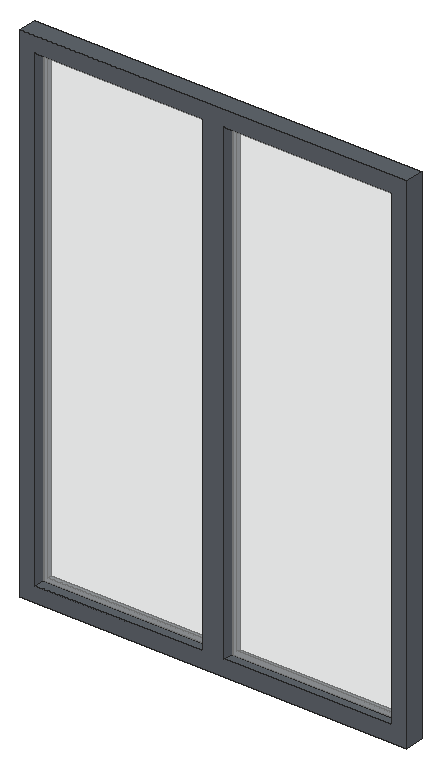
Revit family "Wicstyle77FP_Fixed_frame_EI30_T30", category Doors, host Wall, Revit 2014
Parameters
  Youtube clip = ""
  Weight Net (Kg) = 0
  Uniclass 2015 Name = ""
  Uniclass 2015 Code = ""
  Uniclass 2.0 Description = ""
  Uniclass 2.0 Code = ""
  Uniclass 1.4 Description = ""
  Uniclass 1.4 Code = ""
  URL = "http://www.wicona.com\r\nhttp://www.wicona.com"
  UNSPSC Code = ""
  Technical description = ""
  Region South America = "None"
  Region Oceania = "None"
  Region North America = "None"
  Region Middle East = "None"
  Region Europe = "AD, AL, AT, AX, BA, BE, BG, BY, CH, CS, CY, CZ, DE, DK, EE, ES, FI, FO, FR, GB, GG, GI, GR, HR, HU, IE, IM, IS, IT, JE, LI, LT, LU, LV, MC, MD, ME, MK, MT, NL, NO, PL, PT, RO, RS, RU, SE, SI, SJ, SK, SM, UA, VA, XK"
  Region Asia = "None"
  Region Antarctica = "None"
  Region Africa = "None"
  QR code = "http://bimobject.com/wicona/product/WICSTYLE_77_FP_D"
  Product group = "Windows"
  Product family = "Windows & Doors"
  Product data url = "http://bimobject.com/wicona/product/WICSTYLE_77_FP_D"
  Product certification = ""
  Product SKU = "WICSTYLE_77_FP_D"
  Product Guid = "0a2d15cc-3e25-4d95-9584-ec63cf4c32b4"
  Opening Line Lenght = Width - (2 * Glass Offset 1)  # 1502 mm
  OmniClass Description = ""
  OmniClass Code = ""
  Nominal width = 140000
  Nominal height = 210000
  NBS Reference Description = ""
  NBS Reference Code = ""
  Mullion Width 1 = 800 mm
  Mullion 1021369 = no
  Mullion 1021367 = no
  Mullion 1021365 = no
  Mullion 1021364 = not(or(Mullion 1021369, Mullion 1021365, Mullion 1021367))  # yes
  Model = "Wicstyle 77FP"
  Material secondary = "Glass"
  Material main = "Aluminium"
  Manufacturer name = "Wicona"
  Manufacturer country = "Germany"
  Manufacturer = "Wicona"
  MPlus_1021369 = Mullion 1021369  # no
  Leaf Material = WICONA - Aluminium - RAL7016 - Anthracite Grey - Matt
  Installation instructions = ""
  IFC Classification = ""
  Handle Material = Aluminium
  Glass Material = WICONA -  Glass
  Function = Interior
  Glass Offset 1 = if(Frame 1020449, 49 mm, 59 mm)  # 49 mm
  Glass Offset 2 = if(Mullion 1021364, 28.1 mm, if(Mullion 1021365, 33.2 mm, if(Mullion 1021367, 53.3 mm, 33.2 mm)))  # 28.1 mm
  Height = 2100 mm
  Wall Closure = By host
  Width = 1600 mm
  Frame Material = WICONA - Aluminium - RAL7016 - Anthracite Grey - Matt
  Frame Depth = 77 mm
  Frame 1021361 = no
  Frame 1020449 = not(or(Frame 1021361))  # yes
  Fire protection class in accordance with DIN EN 13501-2 = "EI30-1, EI30 glazing"
  Fire protection class in accordance with DIN 4102 = "T30-1 and T30-2, F30 glazing"
  Filling weights = "Up to 200 kg"
  Filling thickness = "23 or 36 mm Type 30 pyrostop glass"
  Edition number = 1
  EAN code = ""
  Door Offset = 60 mm
  Design country = "Germany"
  Description = "WICSTYLE 77FP provides 30 minutes’ fire resistance with profile elevations that are identical to a WICSTYLE 77 standard door, meaning that it ensures all the doors in your building have the same design. Consequently, this range fulfils the requirements of class EI30 and/or class T30/F30 for single and double-leaf doors with large leaf dimensions, without the need for fire protection inserts in this class."
  Date of publishing = "3/14/2015"
  Clearance passage dimensions = "Single-leaf 1,362 x 2,500 mm, Double-leaf 2,500 x 2,500 mm, Fixed glazing element height up to 3,500 mm, unlimited width"
  COBIe Type Category = ""
  Bottom Offset = 26 mm
  BIMobject category = ""
Reference planes
  plane 1: y = 0
  plane 2 "Center (Left/Right)": x = 0
  plane 3 "Left": x = -800
  plane 4 "Right": x = 800
  plane 5: z = 2100
  plane 6 "Exterior": y = 75
  plane 7 "Interior": y = -75
  plane 8 "base line": y = 15
  plane 9: y = -62
  plane 10: x = -751
  plane 11: z = 2051
  plane 12: z = 49
  plane 13: x = 751
  plane 14: x = 0
  plane 15: x = -28.1
  plane 16: x = 28.1
  plane 17: x = -751
  plane 18: x = -736
  plane 19: x = -733.001
  plane 20: y = 1
  plane 21: y = -23
  plane 22: x = -46.025
  plane 23: x = -43.025
  plane 24: x = -28.1
  plane 25: x = 28.1
  plane 26: x = 43.1
  plane 27: x = 46.1
Forms (mm)
  Sweep 1, solid, material "WICONA - Aluminium - RAL7016 - Anthracite Grey - Matt" <- "Frame Material", detail levels medium+fine
    path origin (0, 15, 0) x (-1, 0, 0) y (0, 0, 1)
      loop
        line (800, 0) -> (800, 2100) -> (-800, 2100) -> (-800, 0) -> (800, 0)
    profile origin (-800, 15, 1050) x (1, 0, 0) y (0, 1, 0)
      loop
        line (0, 0) -> (0, -77) -> (64, -77) -> (64, -38) -> (49, -38) -> (49, -14) -> (66.999, -14) -> (66.999, 0) -> (0, 0)
  Sweep 2, solid, material "WICONA - Aluminium - RAL7016 - Anthracite Grey - Matt" <- "Frame Material", visible <- "MPlus_1021369", detail levels medium+fine
    path origin (0, 15, 0) x (-1, 0, 0) y (0, 0, 1)
      loop
        line (0, 2100) -> (0, 0)
    profile origin (0, 15, 1050) x (0, 1, 0) y (-1, 0, 0)
      loop
        line (23, 26) -> (0, 26) -> (0, -26) -> (23, -26) -> (23, 26)
  Sweep 3, solid, material "WICONA - Aluminium - RAL7016 - Anthracite Grey - Matt" <- "Frame Material", detail levels medium+fine
    path origin (0, 15, 0) x (-1, 0, 0) y (0, 0, 1)
      loop
        line (0, 2100) -> (0, 0)
    profile origin (0, 15, 1050) x (0, 1, 0) y (-1, 0, 0)
      loop
        line (0, 46.025) -> (-14, 46.025) -> (-14, 28.1) -> (-38, 28.1) -> (-38, 43.025) -> (-77, 43.025) -> (-77, -43.1) -> (-38, -43.1) -> (-38, -28.1) -> (-14, -28.1) -> (-14, -46.1) -> (0, -46.1) -> (0, 46.025)
  Extrusion 4, solid, material "WICONA -  Glass" <- "Glass Material", detail levels medium+fine
    sketch origin (-185.675, 271.602, 0) x (1, 0, 0) y (0, 0, 1)
      loop
        line (213.775, 2051) -> (213.775, 49) -> (936.675, 49) -> (936.675, 2051) -> (213.775, 2051)
    from 270.602 to 294.602
  Extrusion 5, solid, material "WICONA -  Glass" <- "Glass Material", detail levels medium+fine
    sketch origin (-668.018, 322.298, 0) x (1, 0, 0) y (0, 0, 1)
      loop
        line (-82.982, 2051) -> (-82.982, 49) -> (639.918, 49) -> (639.918, 2051) -> (-82.982, 2051)
    from 321.298 to 345.298
Cuts and joins
  joined: Sweep 1, Sweep 3
Lines and regions (mm)
  Opening 1
    outline origin (-3050, -75, 0) x (1, 0, 0) y (0, 0, 1)
      loop
        line (2250, 0) -> (3850, 0) -> (3850, 2100) -> (2250, 2100) -> (2250, 0)
  symbolic lines, style "Elevation Swing"
    curve 1: line (800, -75, 1110) -> (-800, -75, 2100)
    curve 2: line (800, -75, 1110) -> (-800, -75, 0)
  model lines
    curve 3: line (0, -59.728, -46.926) -> (0, -59.728, -43.389)
  symbolic lines, style "Plan Swing", detail levels coarse
    curve 4: line (-751, 15, 0) -> (-28.1, 15, 0)
    curve 5: line (-751, -62, 0) -> (-28.1, -62, 0)
    curve 6: line (28.1, 15, 0) -> (751, 15, 0)
    curve 7: line (28.1, -62, 0) -> (751, -62, 0)
    curve 8: line (-751, 75, 0) -> (-751, -75, 0)
    curve 9: line (-28.1, 75, 0) -> (-28.1, -75, 0)
    curve 10: line (28.1, 75, 0) -> (28.1, -75, 0)
    curve 11: line (751, 75, 0) -> (751, -75, 0)
    curve 12: line (751, 75, 0) -> (800, 75, 0)
    curve 13: line (751, -75, 0) -> (800, -75, 0)
    curve 14: line (-28.1, 75, 0) -> (28.1, 75, 0)
    curve 15: line (-28.1, -75, 0) -> (28.1, -75, 0)
    curve 16: line (-800, 75, 0) -> (-751, 75, 0)
    curve 17: line (-800, -75, 0) -> (-751, -75, 0)
Text (mm)
  text "Exterior" at (-2295.016, 1099.543, 0), in view "Ref. Level"
  text "Exterior" at (0, 1615.38, 3698.081), in view "Left"
  text "Exterior" at (0, 1036.032, 3874.932), in view "Right"
Dimensions and locks
  equal spacing: plane 3 "Left", plane 2 "Center (Left/Right)", plane 4 "Right"
  "Width": plane 3 "Left" to plane 4 "Right"
  "Height": plane 5 to host wall
  locked: plane 6 "Exterior" to host wall at 0
  locked: plane 7 "Interior" to host wall
  "Door Offset": host wall to plane 8 "base line"
  "Frame Depth": plane 8 "base line" to plane 9
  "Glass Offset 1": plane 3 "Left" to plane 10
  "Glass Offset 1": plane 11 to plane 5
  "Glass Offset 1": plane 12 to level
  "Glass Offset 1": plane 13 to plane 4 "Right"
  "Mullion Width 1": plane 3 "Left" to plane 14
  "Glass Offset 2": plane 15 to plane 14
  "Glass Offset 2": plane 14 to plane 16
  locked: plane 17 to plane 19 at 17.999
  locked: plane 17 to plane 18 at 15
  locked: plane 20 to plane 21 at 24
  locked: plane 8 "base line" to plane 20 at 14
  locked: plane 22 to plane 24 at 17.925
  locked: plane 23 to plane 24 at 14.925
  locked: plane 25 to plane 27 at 18
  locked: plane 25 to plane 26 at 15
  aligned and locked: plane 3 "Left" to Opening 1 sketch curve
  aligned and locked: plane 5 to Opening 1 sketch curve  (x2)
  aligned and locked: Opening 1 sketch curve to plane 4 "Right"
  aligned and locked: Opening 1 sketch curve to level
  aligned and locked: plane 1 to host wall
  aligned and locked: Sweep 1 sketch curve to plane 3 "Left"
  aligned and locked: plane 5 to Sweep 1 sketch curve
  aligned and locked: plane 4 "Right" to Sweep 1 sketch curve
  aligned and locked: nested 1 to plane 14
  aligned and locked: nested 1 to plane 9
  aligned and locked: nested 2 to plane 9
  aligned and locked: nested 2 to plane 14
  aligned and locked: nested 3 to plane 9
  aligned and locked: nested 3 to plane 14
  aligned and locked: nested 4 to plane 9
  aligned and locked: nested 4 to plane 14
  aligned and locked: nested 5 to plane 9
  aligned and locked: plane 3 "Left" to nested 5
  aligned and locked: plane 4 "Right" to nested 6
  aligned and locked: plane 9 to nested 6
  aligned and locked: plane 3 "Left" to nested 7
  aligned and locked: plane 9 to nested 7
  aligned and locked: nested 8 to plane 9
  aligned and locked: plane 4 "Right" to nested 8
  aligned and locked: plane 19 to Sweep 1 sketch curve
  aligned and locked: plane 17 to Sweep 1 sketch curve
  aligned and locked: plane 17 to plane 10
  aligned and locked: plane 27 to Sweep 3 sketch curve
  aligned and locked: plane 25 to Sweep 3 sketch curve
  aligned and locked: plane 26 to Sweep 3 sketch curve
  aligned and locked: Sweep 3 sketch curve to plane 24
  aligned and locked: Sweep 3 sketch curve to plane 22
  aligned and locked: Sweep 3 sketch curve to plane 23
  aligned and locked: plane 15 to plane 24
  aligned and locked: plane 25 to plane 16
  aligned and locked: Extrusion 5 to plane 10
  aligned and locked: plane 15 to Extrusion 5
  aligned and locked: Extrusion 4 to plane 16
  aligned and locked: plane 13 to Extrusion 4
  aligned and locked: plane 10 to nested 9
  aligned and locked: plane 15 to nested 9
  aligned and locked: plane 16 to nested 10
  aligned and locked: plane 13 to nested 10
  aligned and locked: plane 11 to Extrusion 5
  aligned and locked: plane 11 to Extrusion 4
  aligned and locked: Extrusion 4 to plane 12
  aligned and locked: Extrusion 5 to plane 12
  aligned and locked: plane 21 to Extrusion 5
  aligned and locked: Extrusion 5 to plane 20
  aligned and locked: plane 21 to Extrusion 4
  aligned and locked: Extrusion 4 to plane 20
  aligned and locked: plane 21 to nested 9
  aligned and locked: plane 21 to nested 10
  aligned and locked: nested 12 to plane 9
  aligned and locked: nested 12 to plane 5
  aligned and locked: plane 9 to nested 11
  aligned and locked: level to nested 11
  aligned and locked: plane 9 to nested 14
  aligned and locked: nested 14 to plane 5
  aligned and locked: level to nested 13
  aligned and locked: nested 13 to plane 9
  aligned and locked: plane 11 to nested 15
  aligned and locked: plane 12 to nested 15
  aligned and locked: nested 15 to plane 20
  aligned and locked: plane 15 to curve 4
  aligned and locked: plane 13 to curve 6
  aligned and locked: plane 16 to curve 6
  aligned and locked: curve 5 to plane 9
  aligned and locked: curve 7 to plane 9
  aligned and locked: curve 6 to plane 8 "base line"
  aligned and locked: curve 4 to plane 8 "base line"
  aligned and locked: plane 7 "Interior" to curve 8
  aligned and locked: plane 6 "Exterior" to curve 8
  aligned and locked: curve 8 to plane 10
  aligned and locked: plane 7 "Interior" to curve 10
  aligned and locked: plane 7 "Interior" to curve 11
  aligned and locked: plane 6 "Exterior" to curve 10
  aligned and locked: plane 6 "Exterior" to curve 9
  aligned and locked: curve 11 to plane 13
  aligned and locked: plane 4 "Right" to curve 12
  aligned and locked: plane 4 "Right" to curve 13
  aligned and locked: plane 6 "Exterior" to curve 12
  aligned and locked: plane 15 to curve 14
  aligned and locked: plane 16 to curve 14
  aligned and locked: plane 7 "Interior" to curve 15
  aligned and locked: plane 3 "Left" to curve 16
  aligned and locked: plane 3 "Left" to curve 17
  aligned and locked: plane 10 to curve 16
  aligned and locked: plane 7 "Interior" to curve 17
  aligned and locked: plane 6 "Exterior" to curve 16
Automatic sketch dimensions
  plane 9 to curve 3 = 2.272 mm
  curve 3 to level = 46.926 mm
  curve 3 to curve 3 = 3.537 mm
  Sweep 1 sketch curve to level = 0 mm
  Sweep 1 sketch curve to plane 8 "base line" = 0 mm
  Sweep 1 sketch curve to profile plane = 0 mm
  Sweep 1 sketch curve to plane 18 = 0 mm
  Sweep 1 sketch curve to plane 8 "base line" = 14 mm
  Sweep 1 sketch curve to Sweep 1 sketch curve = 24 mm
  Sweep 1 sketch curve to Sweep 1 sketch curve = 39 mm
  Sweep 2 sketch curve to level = 0 mm
  Sweep 2 sketch curve to plane 14 = 0 mm
  Sweep 2 sketch curve to plane 5 = 0 mm
  Sweep 2 sketch curve to plane 8 "base line" = 0 mm
  plane 8 "base line" to Sweep 2 sketch curve = 23 mm
  profile plane to Sweep 2 sketch curve = 26 mm
  Sweep 2 sketch curve to profile plane = 26 mm
  Sweep 3 sketch curve to level = 0 mm
  Sweep 3 sketch curve to plane 14 = 0 mm
  Sweep 3 sketch curve to plane 5 = 0 mm
  Sweep 3 sketch curve to plane 8 "base line" = 0 mm
  Sweep 3 sketch curve to plane 8 "base line" = 14 mm
  Sweep 3 sketch curve to Sweep 3 sketch curve = 14 mm
  Sweep 3 sketch curve to Sweep 3 sketch curve = 24 mm  (x2)
  Sweep 3 sketch curve to Sweep 3 sketch curve = 39 mm
  plane 3 "Left" to curve 1 = 0 mm
  curve 1 to plane 5 = 0 mm
  plane 4 "Right" to curve 2 = 0 mm
  curve 2 to level = 0 mm
  plane 3 "Left" to curve 2 = 0 mm
  curve 2 to plane 11 = 941 mm
  Extrusion 4 sketch curve to plane 12 = 0 mm
  Extrusion 4 sketch curve to plane 16 = 0 mm
  Extrusion 4 sketch curve to plane 11 = 0 mm
  Extrusion 4 sketch curve to plane 13 = 0 mm
  Extrusion 5 sketch curve to plane 10 = 0 mm
  Extrusion 5 sketch curve to plane 11 = 0 mm
  Extrusion 5 sketch curve to plane 15 = 0 mm
  Extrusion 5 sketch curve to plane 12 = 0 mm
Nested families
  nested 1: "Sash_Mullion_1021364" at (0, -62, 0), visible <- "Mullion 1021364", type "Sash_Mullion_1021364"
  nested 2: "Sash_Mullion_1021365" at (0, -62, 0), visible <- "Mullion 1021365", type "Sash_Mullion_1021365"
  nested 3: "Sash_Mullion_1021367" at (0, -62, 0), visible <- "Mullion 1021367", type "Sash_Mullion_1021367"
  nested 4: "Sash_Mullion_1021369" at (0, -62, 0), visible <- "Mullion 1021369", type "Sash_Mullion_1021369"
  nested 5: "Frame_fix_1020449" at (-800, 15, 0), visible <- "Frame 1020449", type "Frame_fix_1020449"
  nested 6: "Frame_fix_1020449" at (800, 15, 0) x (-1, 0, 0) z (0, 0, 1), visible <- "Frame 1020449", type "Frame_fix_1020449"
  nested 7: "Frame_fix_1021361" at (-800, 15, 0), visible <- "Frame 1021361", type "Frame_fix_1021361"
  nested 8: "Frame_fix_1021361" at (800, 15, 0) x (-1, 0, 0) z (0, 0, 1), visible <- "Frame 1021361", type "Frame_fix_1021361"
  nested 9: "window_2_pieces_glass_line" at (-751, -23, 0), type "T24"
    with built-in parameter 1001306 2.3717 (stored number, unit not read)
  nested 10: "window_2_pieces_glass_line" at (28.1, -23, 0), type "T24"
    with built-in parameter 1001306 2.3717 (stored number, unit not read)
  nested 11: "Frame_fix_1020449" at (0, 15, 0) x (0, 0, 1) z (1, 0, 0), visible <- "Frame 1020449", type "Frame_fix_1020449"
  nested 12: "Frame_fix_1020449" at (0, 15, 2100) x (0, 0, -1) z (1, 0, 0), visible <- "Frame 1020449", type "Frame_fix_1020449"
  nested 13: "Frame_fix_1021361" at (0, 15, 0) x (0, 0, 1) z (1, 0, 0), visible <- "Frame 1021361", type "Frame_fix_1021361"
  nested 14: "Frame_fix_1021361" at (0, 15, 2100) x (0, 0, -1) z (1, 0, 0), visible <- "Frame 1021361", type "Frame_fix_1021361"
  nested 15: "window_2_pieces_glass_line" at (0, 1, 49) x (0, 0, 1) z (1, 0, 0), type "T24"
    with built-in parameter 1001306 6.5682 (stored number, unit not read)
Definition of nested family "Sash_Mullion_1021364"
  Reference planes
    plane 1 "Center (Front/Back)": y = 0
    plane 2: z = 0
    plane 3 "Center (Left/Right)": x = 0
  Lines and regions (mm)
    Filled region 1, type "Concrete", in view "Ref. Level", detail levels medium
      outline origin (0, 0, 0) x (1, 0, 0) y (0, 1, 0)
        loop
          line (-46.12, -77) -> (46.119, -77) -> (46.119, -63) -> (28.119, -63) -> (28.119, -39) -> (43.119, -39) -> (43.119, 0) -> (-43.12, 0) -> (-43.12, -39) -> (-28.141, -39) -> (-28.141, -63) -> (-46.12, -63) -> (-46.12, -77)
    detail lines, style "GLAS", in view "Ref. Level"
      curve 1: line (28.119, -39, 0) -> (28.119, -63, 0)
      curve 2: line (-28.141, -39, 0) -> (-28.141, -63, 0)
Definition of nested family "Sash_Mullion_1021365"
  Reference planes
    plane 1 "Center (Front/Back)": y = 0
    plane 2: z = 0
    plane 3 "Center (Left/Right)": x = 0
  Lines and regions (mm)
    Filled region 1, type "Concrete", in view "Ref. Level", detail levels medium
      outline origin (0, 0, 0) x (1, 0, 0) y (0, 1, 0)
        loop
          line (-51.133, -77) -> (51.132, -77) -> (51.132, -63) -> (33.132, -63) -> (33.132, -39) -> (48.132, -39) -> (48.132, 0) -> (-48.133, 0) -> (-48.133, -39) -> (-33.208, -39) -> (-33.208, -63) -> (-51.133, -63) -> (-51.133, -77)
    detail lines, style "GLAS", in view "Ref. Level"
      curve 1: line (33.132, -39, 0) -> (33.132, -63, 0)
      curve 2: line (-33.208, -39, 0) -> (-33.208, -63, 0)
Definition of nested family "Sash_Mullion_1021367"
  Reference planes
    plane 1 "Center (Front/Back)": y = 0
    plane 2: z = 0
    plane 3 "Center (Left/Right)": x = 0
  Lines and regions (mm)
    Filled region 1, type "Concrete", in view "Ref. Level", detail levels medium
      outline origin (0, 0, 0) x (1, 0, 0) y (0, 1, 0)
        loop
          line (-71.185, -77) -> (71.184, -77) -> (71.184, -63) -> (53.184, -63) -> (53.184, -39) -> (68.184, -39) -> (68.184, 0) -> (-68.185, 0) -> (-68.185, -39) -> (-53.26, -39) -> (-53.26, -63) -> (-71.185, -63) -> (-71.185, -77)
    detail lines, style "GLAS", in view "Ref. Level"
      curve 1: line (53.184, -39, 0) -> (53.184, -63, 0)
      curve 2: line (-53.26, -39, 0) -> (-53.26, -63, 0)
Definition of nested family "Sash_Mullion_1021369"
  Reference planes
    plane 1 "Center (Front/Back)": y = 0
    plane 2: z = 0
    plane 3 "Center (Left/Right)": x = 0
  Lines and regions (mm)
    Filled region 1, type "Concrete", in view "Ref. Level", detail levels medium
      outline origin (0, 0, 0) x (1, 0, 0) y (0, 1, 0)
        loop
          line (51, -77) -> (51, -63) -> (33, -63) -> (33, -39) -> (48, -39) -> (48, 0) -> (-48, 0) -> (-48, -39) -> (-33.038, -39) -> (-33.038, -63) -> (-51, -63) -> (-51, -77) -> (-26, -77) -> (-26, -100) -> (26, -100) -> (26, -77) -> (51, -77)
    detail lines, style "GLAS", in view "Ref. Level"
      curve 1: line (33, -39, 0) -> (33, -63, 0)
      curve 2: line (-33.038, -39, 0) -> (-33.038, -63, 0)
Definition of nested family "Frame_fix_1020449"
  Reference planes
    plane 1 "Center (Front/Back)": y = 0
    plane 2: z = 0
    plane 3 "Center (Left/Right)": x = 0
    plane 4: y = 77
  Lines and regions (mm)
    Filled region 1, type "Concrete", in view "Ref. Level", detail levels medium
      outline origin (18.997, 3.58, 0) x (1, 0, 0) y (0, 1, 0)
        loop
          line (-18.997, 73.42) -> (-18.997, -3.58) -> (48.003, -3.58) -> (48.003, 10.42) -> (29.963, 10.42) -> (29.963, 34.42) -> (44.963, 34.42) -> (44.963, 73.42) -> (-18.997, 73.42)
    detail lines, style "GLAS", in view "Ref. Level"
      curve 1: line (48.96, 38, 0) -> (48.96, 14, 0)
Definition of nested family "Frame_fix_1021361"
  Reference planes
    plane 1 "Center (Front/Back)": y = 0
    plane 2: z = 0
    plane 3 "Center (Left/Right)": x = 0
    plane 4: y = 77
  Lines and regions (mm)
    Filled region 1, type "Concrete", in view "Ref. Level", detail levels medium
      outline origin (18.997, 3.58, 0) x (1, 0, 0) y (0, 1, 0)
        loop
          line (-18.997, 73.42) -> (-18.997, -3.58) -> (58.002, -3.58) -> (58.002, 10.42) -> (39.963, 10.42) -> (39.963, 34.42) -> (54.963, 34.42) -> (54.963, 73.42) -> (-18.997, 73.42)
    detail lines, style "GLAS", in view "Ref. Level"
      curve 1: line (58.96, 38, 0) -> (58.96, 14, 0)
  Dimensions and locks
    aligned and locked: Filled region 1 sketch curve to import instance
Definition of nested family "window_2_pieces_glass_line"
  Parameters (values of type "T24")
    v1 = 5 mm
    line = 10 mm
    built-in parameter 1001306 [instance] = 1200 mm
    Glass Thickness = 24 mm
  Reference planes
    plane 1 "Center (Front/Back)": y = 0
    plane 2: z = 0
    plane 3 "Left": x = 0
    plane 4 "Right": x = 1200
    plane 5: y = 24
    plane 6: y = 5
    plane 7: y = 19
    plane 8: x = 10
    plane 9: x = 1190
  Lines and regions (mm)
    reference lines, in view "Ref. Level"
      curve 1: line (0, 0, 0) -> (1200, 0, 0)
    detail lines, in view "Ref. Level", detail levels medium+fine
      curve 2: line (0, 24, 0) -> (1200, 24, 0)
      curve 3: line (0, 0, 0) -> (1200, 0, 0)
    detail lines, in view "Ref. Level", detail levels fine
      curve 4: line (0, 19, 0) -> (1200, 19, 0)
      curve 5: line (0, 5, 0) -> (1200, 5, 0)
    model lines, style "DetailComponents", in view "Ref. Level", detail levels fine
      curve 6: line (10, 19, 0) -> (10, 5, 0)
    detail lines, style "DetailComponents", in view "Ref. Level", detail levels fine
      curve 7: line (1190, 19, 0) -> (1190, 5, 0)
    model lines, style "DetailComponents", in view "Ref. Level", detail levels medium+fine
      curve 8: line (1200, 24, 0) -> (1200, 0, 0)
    detail lines, style "DetailComponents", in view "Ref. Level", detail levels medium+fine
      curve 9: line (0, 24, 0) -> (0, 0, 0)
  Dimensions and locks
    "built-in parameter 1001306": plane 3 "Left" to plane 4 "Right"
    "Glass Thickness": plane 5 to plane 1 "Center (Front/Back)"
    plane 5 to plane 1 "Center (Front/Back)" = 24 mm
    "v1": plane 5 to plane 7
    "v1": plane 6 to plane 1 "Center (Front/Back)"
    "line": plane 3 "Left" to plane 8
    "line": plane 9 to plane 4 "Right"
    aligned and locked: plane 1 "Center (Front/Back)" to curve 1
    aligned and locked: plane 3 "Left" to curve 1
    aligned and locked: plane 4 "Right" to curve 1
    aligned and locked: plane 5 to curve 2
    aligned and locked: plane 7 to curve 4
    aligned and locked: plane 6 to curve 5
    aligned and locked: curve 5 to curve 6
    aligned and locked: curve 6 to plane 8
    aligned and locked: curve 5 to curve 7
    aligned and locked: curve 7 to plane 9
    aligned and locked: plane 1 "Center (Front/Back)" to curve 9
    aligned and locked: curve 9 to plane 3 "Left"
    aligned and locked: curve 2 to curve 8
    aligned and locked: curve 3 to curve 8
    aligned and locked: curve 8 to plane 4 "Right"
    aligned and locked: curve 4 to curve 7
    aligned and locked: curve 4 to curve 6
  Automatic sketch dimensions
    curve 5 to plane 4 "Right" = 0 mm
    curve 4 to plane 4 "Right" = 0 mm
    curve 3 to plane 4 "Right" = 0 mm
    curve 2 to plane 4 "Right" = 0 mm
